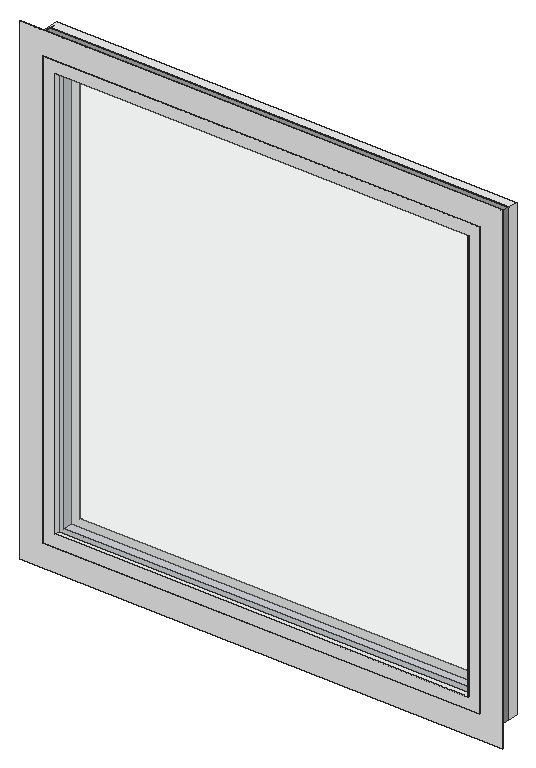
Revit family "Edge_TB42_C_Side_Hung_Custom", category Windows, host Wall, Revit 2014
Parameters (values of type "Casement_Sash_DG")
  Width Sash [instance] = 30 mm
  Width Sash Inner = 15 mm
  Width Bead = 15 mm
  Top Hung [instance] = yes
  Thermal Break Material = Rubber, Black
  Thermal Break Length = 16 mm
  Side Hung Right [instance] = yes
  Side Hung Left [instance] = yes
  Sash Opening Width [instance] = 600 mm
  Sash Opening Height [instance] = 600 mm
  Sash Lip = 15 mm
  Sash Leg [instance] = (Depth Sash - Thermal Break Length) / 2  # 13 mm
  SG Bead Leg = 6.683 mm
  Glazing Material [instance] = Glass
  Glazing Offset = 5 mm
  DG Start Piece 2 [instance] = DG End Piece 1 + DG Gasket Thickness  # 24.158 mm
  DG Start Peice 1 [instance] = ((Depth Sash - (2 * DG Glazing Thickness) - DG Gasket Thickness) / 2) - (SG Bead Leg - Aluminium Thickness) / 2  # 5.758 mm
  DG Glazing Thickness [instance] = 6.4 mm
  DG Gasket Thickness = 12 mm  # constant formula
  DG Gasket Material [instance] = none
  Depth Sash [instance] = 42 mm
  DG End Piece 2 [instance] = DG Start Piece 2 + DG Glazing Thickness  # 30.558 mm
  DG End Piece 1 [instance] = DG Start Peice 1 + DG Glazing Thickness  # 12.158 mm
  Center Vertical Sash [instance] = Sash Opening Height / 2  # 300 mm
  Center Horizontal Sash [instance] = Sash Opening Width / 2  # 300 mm
  Bottom Hung [instance] = yes
  Bead Offset = 15 mm
  Aluminium Thickness = 1 mm
  Aluminium Material [instance] = White Powder Coated Aluminium
Reference planes
  plane 1 "Center (Front/Back)": y = 0
  plane 2: z = 0
  plane 3 "Center (Left/Right)": x = 0
Forms (mm)
  Sweep 1, solid, material "White Powder Coated Aluminium" <- "Aluminium Material"
    path origin (16.177, 0, 121.331) x (1, 0, 0) y (0, 0, 1)
      loop
        line (0, 0) -> (600, 0) -> (600, 600) -> (0, 600) -> (0, 0)
    profile origin (316.177, 0, 121.331) x (0, 0, 1) y (0, -1, 0)
      loop
        line (0, 0) -> (30, 0) -> (30, 1) -> (15, 1) -> (15, 13) -> (14, 13) -> (14, 1) -> (1, 1) -> (1, 13) -> (0, 13) -> (0, 0)
      loop
        line (15, 42) -> (-15, 42) -> (-15, 41) -> (0, 41) -> (0, 29) -> (1, 29) -> (1, 41) -> (14, 41) -> (14, 29) -> (15, 29) -> (15, 42)
  Sweep 2, solid, material "White Powder Coated Aluminium" <- "Aluminium Material"
    path origin (0, 0, 0) x (1, 0, 0) y (0, 0, 1)
      loop
        line (31.177, 706.331) -> (31.177, 136.331) -> (601.177, 136.331) -> (601.177, 706.331) -> (31.177, 706.331)
    profile origin (316.177, 0, 706.331) x (0, 0, 1) y (0, -1, 0)
      loop
        line (0, 41) -> (0, 42) -> (-15, 42) -> (-15, 35.317) -> (-14, 35.317) -> (-14, 41) -> (0, 41)
  Extrusion 3, solid, material "Glass" <- "Glazing Material"
    sketch origin (0, 0, 0) x (1, 0, 0) y (0, 0, 1)
      loop
        line (36.177, 701.331) -> (36.177, 141.331) -> (596.177, 141.331) -> (596.177, 701.331) -> (36.177, 701.331)
    from 5.758 <- "DG Start Peice 1" to 12.158 <- "DG End Piece 1"
  Extrusion 4, solid, material "Glass" <- "Glazing Material"
    sketch origin (0, 0, 0) x (1, 0, 0) y (0, 0, 1)
      loop
        line (36.177, 701.331) -> (36.177, 141.331) -> (596.177, 141.331) -> (596.177, 701.331) -> (36.177, 701.331)
    from 30.558 <- "DG End Piece 2" to 24.158 <- "DG Start Piece 2"
  Sweep 5, solid, material <- "DG Gasket Material"
    path origin (0, -12.158, 0) x (1, 0, 0) y (0, 0, 1)
      loop
        line (36.177, 701.331) -> (36.177, 141.331) -> (596.177, 141.331) -> (596.177, 701.331) -> (36.177, 701.331)
    profile origin (316.177, -12.158, 701.331) x (0, 0, 1) y (0, -1, 0)
      loop
        line (0, 0) -> (0, 12) -> (-7.96, 12) -> (-7.96, 0) -> (0, 0)
  Sweep 6, solid, material "Rubber, Black" <- "Thermal Break Material"
    path origin (16.177, -13, 121.331) x (1, 0, 0) y (0, 0, 1)
      loop
        line (-15, 615) -> (-15, -15) -> (615, -15) -> (615, 615) -> (-15, 615)
    profile origin (316.177, -13, 736.331) x (0, 0, 1) y (0, -1, 0)
      loop
        line (-15, 16) -> (-16, 16) -> (-16, 0) -> (-15, 0) -> (-15, 16)
      loop
        line (-29, 16) -> (-30, 16) -> (-30, 0) -> (-29, 0) -> (-29, 16)
Lines and regions (mm)
  model lines
    curve 1: line (1.177, -42, 736.331) -> (31.177, -42, 706.331)
    curve 2: line (601.177, -42, 706.331) -> (631.177, -42, 736.331)
    curve 3: line (601.177, -42, 136.331) -> (631.177, -42, 106.331)
    curve 4: line (1.177, -42, 106.331) -> (31.177, -42, 136.331)
    curve 5: line (631.177, -41, 736.331) -> (616.177, -41, 721.331)
    curve 6: line (1.177, -41, 736.331) -> (16.177, -41, 721.331)
    curve 7: line (1.177, -41, 106.331) -> (16.177, -41, 121.331)
    curve 8: line (631.177, -41, 106.331) -> (616.177, -41, 121.331)
    curve 9: line (616.177, 0, 121.331) -> (586.177, 0, 151.331)
    curve 10: line (46.177, 0, 151.331) -> (16.177, 0, 121.331)
    curve 11: line (616.177, 0, 721.331) -> (586.177, 0, 691.331)
    curve 12: line (46.177, 0, 691.331) -> (16.177, 0, 721.331)
    curve 13: line (31.177, -42, 691.331) -> (46.177, -42, 691.331)
    curve 14: line (586.177, -42, 691.331) -> (601.177, -42, 691.331)
    curve 15: line (586.177, -42, 151.331) -> (601.177, -42, 151.331)
    curve 16: line (31.177, -42, 151.331) -> (46.177, -42, 151.331)
  model lines, style "GenericModelHiddenLines", visible <- "Top Hung"
    curve 17: line (46.386, -30.558, 690.602) -> (316.177, -30.558, 151.331)
    curve 18: line (316.177, -30.558, 151.331) -> (586.177, -30.558, 691.018)
  model lines, style "GenericModelHiddenLines", visible <- "Bottom Hung"
    curve 19: line (46.177, -30.558, 151.331) -> (316.177, -30.558, 691.018)
    curve 20: line (316.177, -30.558, 691.018) -> (586.177, -30.558, 151.331)
  model lines, style "GenericModelHiddenLines", visible <- "Side Hung Left"
    curve 21: line (46.386, -30.558, 690.602) -> (585.24, -30.558, 421.331)
    curve 22: line (585.24, -30.558, 421.331) -> (46.177, -30.558, 151.331)
  model lines, style "GenericModelHiddenLines", visible <- "Side Hung Right"
    curve 23: line (586.177, -30.558, 691.018) -> (46.177, -30.558, 421.331)
    curve 24: line (46.177, -30.558, 421.331) -> (586.177, -30.558, 151.331)
Dimensions and locks
  "Aluminium Thickness": Sweep 1 sketch curve to Sweep 1 sketch curve  (x6)
  "Depth Sash": Sweep 1 sketch curve to Sweep 1 sketch curve
  "Sash Opening Width": Sweep 1 to Sweep 1
  "Sash Opening Height": Sweep 1 to Sweep 1
  "Width Sash": Sweep 1 sketch curve to Sweep 1 sketch curve  (x2)
  "Width Sash Inner": Sweep 1 sketch curve to Sweep 1 sketch curve
  "Sash Lip": Sweep 1 sketch curve to Sweep 1 sketch curve
  "Glazing Offset": Sweep 2 to Extrusion 3 sketch curve  (x3)
  "Glazing Offset": Extrusion 3 sketch curve to Sweep 2
  Sweep 1 to Sweep 1 = 1 mm
  "Width Bead": Sweep 2 sketch curve to Sweep 2 sketch curve
  locked: Sweep 5 sketch curve to Sweep 5 sketch curve at 7.96
  "Center Horizontal Sash": Sweep 1 to curve 18
  "Center Horizontal Sash": Sweep 1 to curve 20
  "Center Vertical Sash": Sweep 1 to curve 22
  "Center Vertical Sash": Sweep 1 to curve 24
  "Sash Leg": Sweep 1 sketch curve to Sweep 1 sketch curve
  "Aluminium Thickness": Sweep 2 sketch curve to Sweep 2 sketch curve  (x2)
  "SG Bead Leg": Sweep 2 sketch curve to Sweep 2 sketch curve
  aligned and locked: level to plane 2
  aligned and locked: Sweep 1 sketch curve to Sweep 1 sketch curve  (x3)
  aligned and locked: Sweep 2 sketch curve to Sweep 1  (x4)
  aligned and locked: Sweep 1 to Sweep 2 sketch curve  (x2)
  aligned and locked: Extrusion 4 sketch curve to Extrusion 3  (x4)
  aligned and locked: Sweep 5 sketch curve to Extrusion 3  (x5)
  aligned and locked: Extrusion 3 to Sweep 5 sketch curve
  aligned and locked: Sweep 6 sketch curve to Sweep 1  (x10)
  aligned and locked: Sweep 1 to Sweep 6 sketch curve  (x2)
Automatic sketch dimensions
  plane 3 "Center (Left/Right)" to Sweep 1 sketch curve = 16.177 mm
  level to Sweep 1 sketch curve = 121.331 mm
  plane 3 "Center (Left/Right)" to Sweep 1 sketch curve = 616.177 mm
  level to Sweep 1 sketch curve = 721.331 mm
  profile plane to Sweep 5 sketch curve = 12 mm
  curve 7 to Sweep 1 = 0 mm  (x4)
  curve 6 to Sweep 1 = 0 mm  (x3)
  Sweep 1 to curve 6 = 0 mm
  curve 5 to Sweep 1 = 0 mm  (x3)
  curve 8 to Sweep 1 = 0 mm  (x4)
  Sweep 1 to curve 5 = 0 mm
  curve 16 to Sweep 2 = 0 mm  (x3)
  curve 13 to Sweep 2 = 0 mm  (x3)
  curve 15 to Sweep 2 = 0 mm
  Sweep 2 to curve 15 = 0 mm  (x2)
  curve 14 to Sweep 2 = 0 mm  (x2)
  Sweep 2 to curve 14 = 0 mm
  curve 1 to Sweep 1 = 0 mm  (x4)
  curve 4 to Sweep 1 = 0 mm  (x4)
  curve 2 to Sweep 1 = 0 mm  (x4)
  curve 3 to Sweep 1 = 0 mm  (x2)
  Sweep 1 to curve 3 = 0 mm  (x2)
  curve 10 to Sweep 1 = 0 mm  (x4)
  curve 12 to Sweep 1 = 0 mm  (x2)
  Sweep 1 to curve 12 = 0 mm  (x2)
  curve 11 to Sweep 1 = 0 mm  (x4)
  curve 9 to Sweep 1 = 0 mm  (x4)
  profile plane to Sweep 1 sketch curve = 0 mm  (x2)
  Sweep 1 sketch curve to plane 1 "Center (Front/Back)" = 0 mm
  Sweep 1 sketch curve to Sweep 1 sketch curve = 13 mm
  Sweep 1 sketch curve to Sweep 1 sketch curve = 12 mm  (x2)
  curve 21 to Extrusion 4 = 10.208 mm
  curve 19 to Extrusion 4 = 10 mm
  curve 23 to Extrusion 4 = 10 mm  (x2)
  curve 22 to Extrusion 4 = 10.937 mm
  curve 20 to Extrusion 4 = 10 mm
  curve 24 to Extrusion 4 = 10 mm
  curve 22 to Extrusion 4 = 10 mm
  curve 18 to Extrusion 4 = 10 mm
  curve 21 to Extrusion 4 = 10.729 mm
  curve 19 to Extrusion 4 = 10.312 mm
  curve 18 to Extrusion 4 = 10.312 mm
